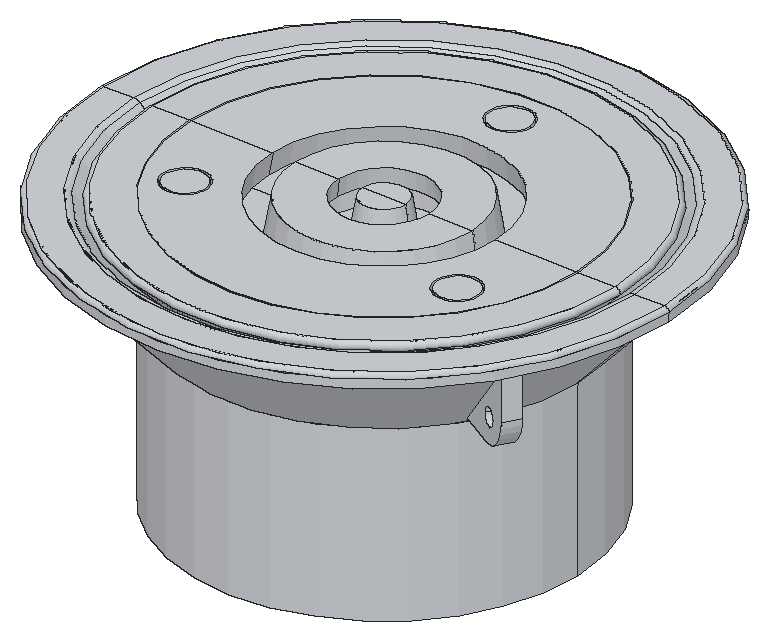
Revit family "Plumbing Fixture_Galvin_SafeCell_Floor_Drain_SS_303077X_F", category Plumbing Fixtures, host Face, Revit 2019
Family settings
  Host = Face
  Round Connector Dimension = Use Diameter
  Part Type = Normal
  Cut with Voids When Loaded = No
  Shared = No
  Room Calculation Point = No
Parameters (values of type "Type 1")
  Waste Connection = no
  Vent Connection = no
  Variants = ""
  Vandal_Resistant = yes
  URL = "http://www.galvinengineering.com.au"
  Thread = "3\" BSP M"
  Specify_Host = "Face"
  SKU_Code = "303077X"
  Product_Type = "Drain"
  Product_Range = "Safe-Cell"
  PlumbingMaterial_ANZRS = ST/ST
  PlumbingFinish = "Polished"
  Mounting_Surface = "Floor"
  Mounting = "Floor"
  Manufacturer_Phone_No = "1300-514-074"
  Manufacturer_OverallWidth = 0 mm
  Manufacturer_OverallHeight = 0 mm
  Manufacturer_OverallDepth = 0 mm
  Manufacturer = "Galvin Engineering"
  Instructions = "https://www.galvinengineering.com.au/assets/product_documents/data_sheets/303077X%20Datasheet.pdf"
  HW Connection = no
  FlowRate = ""
  FilterObject_ANZRS = ""
  Description = "POLISHED STAINLESS STEEL SAFE-CELL (CRR) PRISON FLOOR DRAIN ASS VINYL 100X80BSP"
  Default Elevation = 0 mm
  CategoryStyleOrType_ANZRS = "Plumbing Fixture"
  CW Connection = no
  Application = "Commercial"
  Anti_Ligature = yes
Reference planes
  plane 1 "Center (Front/Back)": y = 0
  plane 2: z = 0
  plane 3 "Center (Left/Right)": x = 0
Forms (mm)
  Revolve 1, void
    sketch origin (0, 0, 0) x (1, 0, 0) y (0, 0, 1)
      loop
        line (0, 0) -> (-66.225, 0) -> (-66.225, -3.812) -> (-63.502, -3.812) -> (-56.734, -10.58)
        arc (-56.734, -10.58) -> (-54.67, -20.08) -> (-45.17, -22.144) r 8.987
        line (-45.17, -22.144) -> (-45.17, -61) -> (0, -61) -> (0, 0)
      axis (0, -61) -> (0, 0)
    angle from 0 to 360
Text (mm)
  text "NOTE: \n\nDelete unused subcategory " at (136.98, -103.393, 0), in view "Ref. Level"
Dimensions and locks
  aligned and locked: plane 2 to host face
  aligned and locked: level to host face
Nested families
  nested 1: "X_GALVIN_SAFECELL_FLOOR_DRAIN" at (0, 0, 0), type "Type 1"
Definition of nested family "X_GALVIN_SAFECELL_FLOOR_DRAIN"
  Parameters (values of type "Type 1")
    Waste Connection = no
    Vent Connection = no
    URL = ""
    PlumbingMaterial_ANZRS = none
    Manufacturer = ""
    HW Connection = no
    Description = ""
    CW Connection = no
  Reference planes
    plane 1 "Center (Front/Back)": y = 0
    plane 2: z = 0
    plane 3 "Center (Left/Right)": x = 0
    plane 4: z = -61
    plane 5: z = -21
    plane 6: x = -66
    plane 7: x = 66
  Forms (mm)
    Extrusion 1, solid, material <- "PlumbingMaterial_ANZRS"
      sketch origin (0, 0, 0) x (1, 0, 0) y (0, 1, 0)
        loop
          line (-2, 63.398) -> (-2, 44.954) -> (2, 44.954) -> (2, 63.398) -> (-2, 63.398)
      from -21.442 to -3
    Extrusion 2, void
      sketch origin (-2, 71.098, 0) x (0, -1, 0) y (0, 0, -1)
        loop
          line (7.7, 3) -> (26.142, 3) -> (26.142, 21.442) -> (7.7, 3)
        loop
          line (7.7, 21.442) -> (7.7, 13.442)
          arc (7.7, 13.442) -> (10.043, 19.099) -> (15.7, 21.442) r 8
          line (15.7, 21.442) -> (7.7, 21.442)
        loop
          circle (13.7, 15.442) r 2
      from 0 to 4
    Extrusion 3, solid, material <- "PlumbingMaterial_ANZRS", not visible
      sketch origin (0, 0, 0) x (1, 0, 0) y (0, 1, 0)
        loop
          line (-2, 63.398) -> (-2, 44.954) -> (2, 44.954) -> (2, 63.398) -> (-2, 63.398)
      from -21.442 to -3
    Extrusion 4, void, not visible
      sketch origin (-2, 71.098, 0) x (0, -1, 0) y (0, 0, -1)
        loop
          line (7.7, 3) -> (26.142, 3) -> (26.142, 21.442) -> (7.7, 3)
        loop
          line (7.7, 21.442) -> (7.7, 13.442)
          arc (7.7, 13.442) -> (10.043, 19.099) -> (15.7, 21.442) r 8
          line (15.7, 21.442) -> (7.7, 21.442)
        loop
          circle (13.7, 15.442) r 2
      from 0 to 4
    Extrusion 5, solid, material <- "PlumbingMaterial_ANZRS"
      sketch origin (0, 0, 0) x (-0.5, -0.866025, 0) y (0.866025, -0.5, 0)
        loop
          line (-2, 63.398) -> (-2, 44.954) -> (2, 44.954) -> (2, 63.398) -> (-2, 63.398)
      from -21.442 to -3
    Extrusion 6, void
      sketch origin (62.572, -33.817, 0) x (-0.866025, 0.5, 0) y (0, 0, -1)
        loop
          line (7.7, 3) -> (26.142, 3) -> (26.142, 21.442) -> (7.7, 3)
        loop
          line (7.7, 21.442) -> (7.7, 13.442)
          arc (7.7, 13.442) -> (10.043, 19.099) -> (15.7, 21.442) r 8
          line (15.7, 21.442) -> (7.7, 21.442)
        loop
          circle (13.7, 15.442) r 2
      from 0 to 4
    Extrusion 7, solid, material <- "PlumbingMaterial_ANZRS"
      sketch origin (0, 0, 0) x (-0.5, 0.866025, 0) y (-0.866025, -0.5, 0)
        loop
          line (-2, 63.398) -> (-2, 44.954) -> (2, 44.954) -> (2, 63.398) -> (-2, 63.398)
      from -21.442 to -3
    Extrusion 8, void
      sketch origin (-60.572, -37.281, 0) x (0.866025, 0.5, 0) y (0, 0, -1)
        loop
          line (7.7, 3) -> (26.142, 3) -> (26.142, 21.442) -> (7.7, 3)
        loop
          line (7.7, 21.442) -> (7.7, 13.442)
          arc (7.7, 13.442) -> (10.043, 19.099) -> (15.7, 21.442) r 8
          line (15.7, 21.442) -> (7.7, 21.442)
        loop
          circle (13.7, 15.442) r 2
      from 0 to 4
    Revolve 9, solid, material <- "PlumbingMaterial_ANZRS"
      sketch origin (0, 0, 0) x (1, 0, 0) y (0, 0, 1)
        loop
          line (44.956, -23) -> (63.398, -3) -> (66, -3) -> (66, -1)
          arc (66, -1) -> (65.707, -0.293) -> (65, 0) r 1
          line (65, 0) -> (58.078, 0)
          arc (58.078, 0) -> (57.313, -0.152) -> (56.664, -0.586) r 2
          line (56.664, -0.586) -> (43.842, -13.408) -> (43, -16) -> (38.7, -20.3) -> (38.7, -63) -> (44.956, -63) -> (44.956, -23)
        loop
          line (53.586, 0) -> (45, 0) -> (45, -7.268) -> (44, -9) -> (42.5, -11) -> (38.841, -15) -> (41, -15) -> (54.293, -1.707)
          arc (54.293, -1.707) -> (54.51, -0.617) -> (53.586, 0) r 1
        loop
          line (44.75, -5) -> (44.75, 0) -> (25.89, 0) -> (26.882, -5) -> (44.75, -5)
        loop
          line (21.954, -9) -> (20.459, 0) -> (10.465, 0) -> (10.975, -4) -> (17.457, -4) -> (17.457, -25) -> (23.957, -25) -> (27.957, -21) -> (27.957, -13) -> (34.306, -13) -> (37.306, -10) -> (37.306, -9) -> (21.954, -9)
        loop
          line (4.992, 0) -> (0, 0) -> (0, -13) -> (7.938, -13) -> (8.899, -24) -> (10.089, -25) -> (12.986, -25) -> (12.986, -9) -> (6.577, -9) -> (4.992, 0)
        axis (0, -63) -> (0, 0)
      angle from 0 to 360
    Extrusion 10, void
      sketch origin (0, 0, 0) x (1, 0, 0) y (0, 1, 0)
        loop
          circle (0, 36.5) r 5
      from -5 to 0
    Extrusion 11, void
      sketch origin (0, 0, 0) x (-0.5, -0.866025, 0) y (0.866025, -0.5, 0)
        loop
          circle (0, 36.5) r 5
      from -5 to 0
    Extrusion 12, void
      sketch origin (0, 0, 0) x (-0.5, 0.866025, 0) y (-0.866025, -0.5, 0)
        loop
          circle (0, 36.5) r 5
      from -5 to 0
    Extrusion 13, solid, material <- "PlumbingMaterial_ANZRS"
      sketch origin (0, 0, 0) x (1, 0, 0) y (0, 1, 0)
        loop
          circle (0, 36.5) r 4.5
      from -2 to 0
    Extrusion 14, solid, material <- "PlumbingMaterial_ANZRS"
      sketch origin (0, 0, 0) x (-0.5, -0.866025, 0) y (0.866025, -0.5, 0)
        loop
          circle (0, 36.5) r 4.5
      from -2 to 0
    Extrusion 15, solid, material <- "PlumbingMaterial_ANZRS"
      sketch origin (0, 0, 0) x (-0.5, 0.866025, 0) y (-0.866025, -0.5, 0)
        loop
          circle (0, 36.5) r 4.5
      from -2 to 0
  Cuts and joins
    Extrusion 2, Extrusion 6 cuts Extrusion 1
    Extrusion 6 cuts Extrusion 5
    Extrusion 8 cuts Extrusion 7
    Extrusion 10, Extrusion 11, Extrusion 12 cuts Revolve 9
  Dimensions and locks
    plane 5 to plane 4 = 40 mm
    level to plane 4 = 61 mm
    aligned and locked: level to plane 2
